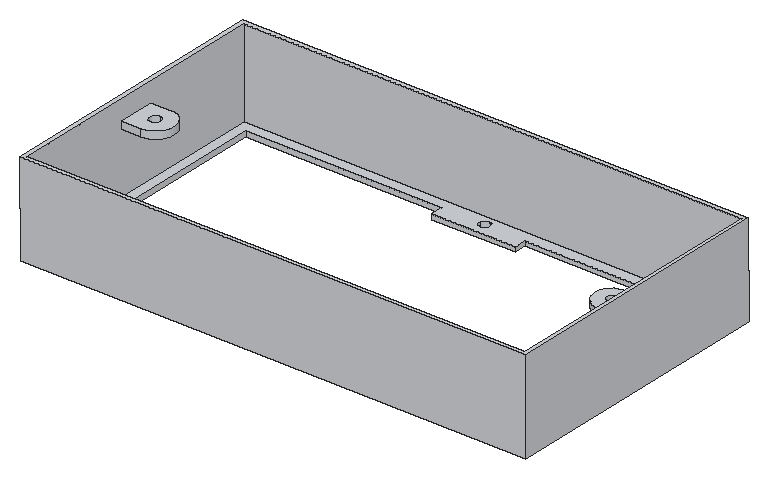
Revit family "EWS12", category Generic Models, Revit 2017
Family settings
  Can host rebar = No
  Round Connector Dimension = Use Diameter
  Part Type = Normal
  Work Plane-Based = Yes
  Always vertical = No
  Cut with Voids When Loaded = No
  Shared = No
  Room Calculation Point = No
Parameters (values of type "NBS Standard Parameters")
  Weight = "0.1157Kg"
  WarrantyStartDate [instance] = "1900-12-31T23:59:59"
  WarrantyGuarantorParts = "n/a"
  WarrantyGuarantorLabor = "n/a"
  WarrantyDurationUnit = "1 year"
  WarrantyDurationParts = "n/a"
  WarrantyDurationLabor = "n/a"
  WarrantyDescription = "n/a"
  Version = "1"
  Uniclass2 = "Pr_65_72_97_84"
  TagNumber [instance] = "n/a"
  SustainabilityPerformance = "n/a"
  Size = "25mm"
  Shape = "Rectangular"
  SerialNumber [instance] = "n/a"
  Revision = "n/a"
  ReplacementCost = "n/a"
  ProductInformation = "www.metpro.co.uk/pdf/ews12.pdf"
  NominalWidth = 75 mm
  NominalLength = 135 mm
  NominalHeight = 26.1 mm
  Name = ""
  NBSTypeID = ""
  NBSReference = "90-60-25/345"
  NBSOfficeMasterTag = ""
  NBSNote = ""
  NBSDescription = "Standard Socket Outlets"
  NBSCertification = ""
  ModelReference = "EWS12"
  ModelNumber = "n/a"
  Material = "Sheet Steel to Comply with BS4667"
  ManufacturerURL = "www.metpro.co.uk"
  ManufacturerName = "Metpro Ltd"
  Keynote = "Compliant to BS4662 & LU strandard 1-085 (For Use On Surface &  Sub-Surface Locations)"
  InstallationDate [instance] = "1900-12-31T23:59:59"
  IfcExportType = ""
  IfcExportAs = ""
  Grade = "n/a"
  Finish = "Pre Galvanised"
  Features = "n/a"
  ExpectedLife = "n/a"
  DurationUnit = "year"
  Description = "EWS12 - 25mm Extension Switch & Socket Box"
  Default Elevation = 1219.2 mm
  Constituents = "n/a"
  Color = "n/a"
  CodePerformance = "n/a"
  Category = "n/a"
  BarCode [instance] = "n/a"
  BIMObjectName = "Metpro_metprolibrary_standardsocketoutlets_switchandsocketboxes_metal"
  Author = "Metpro Limited"
  AssetType = ""
  AssetIdentifier [instance] = "n/a"
  AccessibilityPerformance = "n/a"
Reference planes
  plane 1 "Center (Front/Back)": y = 0
  plane 2: z = 0
  plane 3 "Center (Left/Right)": x = 0
Forms (mm)
  Extrusion 1, solid
    sketch origin (-51.414, -10.058, 0) x (0, 1, 0) y (-1, 0, 0)
      loop
        line (85.058, -63.839) -> (85.058, 72.161) -> (10.058, 72.161) -> (10.058, -63.839) -> (85.058, -63.839)
      loop
        line (84.058, -62.839) -> (84.058, 71.161) -> (11.058, 71.161) -> (11.058, -62.839) -> (84.058, -62.839)
    from 0 to 25
  Extrusion 2, solid
    sketch origin (-51.414, -10.058, 0) x (0, 1, 0) y (-1, 0, 0)
      loop
        line (11.058, 71.161) -> (11.058, -62.839) -> (84.058, -62.839) -> (84.058, 71.161) -> (11.058, 71.161)
      loop
        line (81.058, 68.161) -> (42.558, 68.161) -> (14.058, 68.161) -> (14.058, 15.452) -> (17.297, 15.452) -> (17.297, -6.914) -> (14.058, -6.914) -> (14.058, -59.839) -> (42.604, -59.839) -> (81.058, -59.839) -> (81.058, -6.914) -> (77.818, -6.914) -> (77.818, 15.452) -> (81.058, 15.452) -> (81.058, 68.161)
      loop
        circle (14.058, 3.906) r 1.452
      loop
        circle (81.058, 3.906) r 1.452
    from 0 to 1.4
  Extrusion 3, solid
    sketch origin (-51.414, -10.058, 25) x (0, 1, 0) y (-1, 0, 0)
      loop
        arc (52.084, -57.442) -> (47.321, -52.679) -> (42.558, -57.442) r 4.763
        line (42.558, -57.442) -> (42.558, -62.839) -> (52.084, -62.839) -> (52.084, -57.442)
      loop
        circle (47.558, -57.442) r 1.528
      loop
        line (52.558, 65.764) -> (52.558, 71.161) -> (42.558, 71.161) -> (42.558, 65.764)
        arc (42.558, 65.764) -> (47.558, 60.764) -> (52.558, 65.764) r 5
      loop
        circle (47.558, 65.764) r 1.528
    from -5.232 to -7.166
Dimensions and locks
  aligned and locked: level to plane 2
